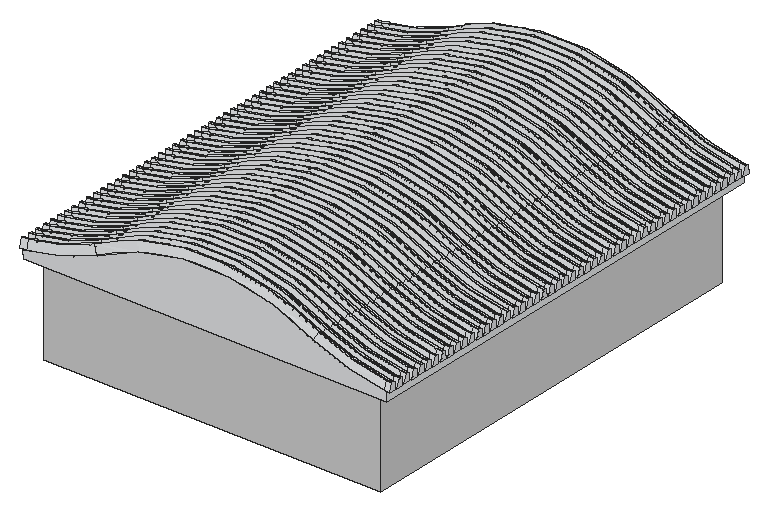
Revit family "Wall_Heaters-QMark-SSAR_Smart_Series", category Mechanical Equipment, host Face, Revit 2016 (continued)
Definition of nested family "Front Panel SSARWH"
  Automatic sketch dimensions
    Sweep 12 sketch curve to Sweep 12 sketch curve = 0' - 1.04547"  (x2)
    Sweep 12 sketch curve to Sweep 12 sketch curve = 0' - 7.6786"  (x2)
    Sweep 12 sketch curve to Sweep 12 sketch curve = 0' - 7.95225"  (x2)
    Sweep 12 sketch curve to Sweep 12 sketch curve = 0' - 0.01322"  (x2)
    Sweep 12 sketch curve to Sweep 12 sketch curve = 0' - 2.88383"
    Sweep 12 sketch curve to profile plane = 1' - 6.42278"
    Sweep 12 sketch curve to profile plane = 1' - 6.39926"
    Sweep 12 sketch curve to profile plane = 1' - 6.15448"
    Sweep 13 sketch curve to Sweep 13 sketch curve = 0' - 9.98067"  (x2)
    Sweep 13 sketch curve to Sweep 13 sketch curve = 0' - 0.25218"  (x2)
    Sweep 13 sketch curve to profile plane = 0' - 0.00072"
    Sweep 13 sketch curve to profile plane = 0' - 0.03163"
    Sweep 13 sketch curve to Sweep 13 sketch curve = 0' - 0.33637"
    Sweep 13 sketch curve to Sweep 13 sketch curve = 0' - 0.11535"
    Sweep 13 sketch curve to Sweep 13 sketch curve = 0' - 0.03102"
    Sweep 13 sketch curve to Sweep 13 sketch curve = 0' - 1.04547"  (x2)
    Sweep 13 sketch curve to Sweep 13 sketch curve = 0' - 7.6786"  (x2)
    Sweep 13 sketch curve to Sweep 13 sketch curve = 0' - 7.95225"  (x2)
    Sweep 13 sketch curve to Sweep 13 sketch curve = 0' - 0.01322"  (x2)
    Sweep 13 sketch curve to Sweep 13 sketch curve = 0' - 2.88383"
    Sweep 13 sketch curve to profile plane = 1' - 6.42278"
    Sweep 13 sketch curve to profile plane = 1' - 6.39926"
    Sweep 13 sketch curve to profile plane = 1' - 6.15448"
    Sweep 14 sketch curve to Sweep 14 sketch curve = 0' - 9.98067"  (x2)
    Sweep 14 sketch curve to Sweep 14 sketch curve = 0' - 0.25218"  (x2)
    Sweep 14 sketch curve to profile plane = 0' - 0.00072"
    Sweep 14 sketch curve to profile plane = 0' - 0.03163"
    Sweep 14 sketch curve to Sweep 14 sketch curve = 0' - 0.33637"
    Sweep 14 sketch curve to Sweep 14 sketch curve = 0' - 0.11535"
    Sweep 14 sketch curve to Sweep 14 sketch curve = 0' - 0.03102"
    Sweep 14 sketch curve to Sweep 14 sketch curve = 0' - 1.04547"  (x2)
    Sweep 14 sketch curve to Sweep 14 sketch curve = 0' - 7.6786"  (x2)
    Sweep 14 sketch curve to Sweep 14 sketch curve = 0' - 7.95225"  (x2)
    Sweep 14 sketch curve to Sweep 14 sketch curve = 0' - 0.01322"  (x2)
    Sweep 14 sketch curve to Sweep 14 sketch curve = 0' - 2.88383"
    Sweep 14 sketch curve to profile plane = 1' - 6.42278"
    Sweep 14 sketch curve to profile plane = 1' - 6.39926"
    Sweep 14 sketch curve to profile plane = 1' - 6.15448"
    Sweep 15 sketch curve to Sweep 15 sketch curve = 0' - 9.98067"  (x2)
    Sweep 15 sketch curve to Sweep 15 sketch curve = 0' - 0.25218"  (x2)
    Sweep 15 sketch curve to profile plane = 0' - 0.00072"
    Sweep 15 sketch curve to profile plane = 0' - 0.03163"
    Sweep 15 sketch curve to Sweep 15 sketch curve = 0' - 0.33637"
    Sweep 15 sketch curve to Sweep 15 sketch curve = 0' - 0.11535"
    Sweep 15 sketch curve to Sweep 15 sketch curve = 0' - 0.03102"
    Sweep 15 sketch curve to Sweep 15 sketch curve = 0' - 1.04547"  (x2)
    Sweep 15 sketch curve to Sweep 15 sketch curve = 0' - 7.6786"  (x2)
    Sweep 15 sketch curve to Sweep 15 sketch curve = 0' - 7.95225"  (x2)
    Sweep 15 sketch curve to Sweep 15 sketch curve = 0' - 0.01322"  (x2)
    Sweep 15 sketch curve to Sweep 15 sketch curve = 0' - 2.88383"
    Sweep 15 sketch curve to profile plane = 1' - 6.42278"
    Sweep 15 sketch curve to profile plane = 1' - 6.39926"
    Sweep 15 sketch curve to profile plane = 1' - 6.15448"
    Sweep 16 sketch curve to Sweep 16 sketch curve = 0' - 9.98067"  (x2)
    Sweep 16 sketch curve to Sweep 16 sketch curve = 0' - 0.25218"  (x2)
    Sweep 16 sketch curve to profile plane = 0' - 0.00072"
    Sweep 16 sketch curve to profile plane = 0' - 0.03163"
    Sweep 16 sketch curve to Sweep 16 sketch curve = 0' - 0.33637"
    Sweep 16 sketch curve to Sweep 16 sketch curve = 0' - 0.11535"
    Sweep 16 sketch curve to Sweep 16 sketch curve = 0' - 0.03102"
    Sweep 16 sketch curve to Sweep 16 sketch curve = 0' - 1.04547"  (x2)
    Sweep 16 sketch curve to Sweep 16 sketch curve = 0' - 7.6786"  (x2)
    Sweep 16 sketch curve to Sweep 16 sketch curve = 0' - 7.95225"  (x2)
    Sweep 16 sketch curve to Sweep 16 sketch curve = 0' - 0.01322"  (x2)
    Sweep 16 sketch curve to Sweep 16 sketch curve = 0' - 2.88383"
    Sweep 16 sketch curve to profile plane = 1' - 6.42278"
    Sweep 16 sketch curve to profile plane = 1' - 6.39926"
    Sweep 16 sketch curve to profile plane = 1' - 6.15448"
    Sweep 17 sketch curve to Sweep 17 sketch curve = 0' - 9.98067"  (x2)
    Sweep 17 sketch curve to Sweep 17 sketch curve = 0' - 0.25218"  (x2)
    Sweep 17 sketch curve to profile plane = 0' - 0.00072"
    Sweep 17 sketch curve to profile plane = 0' - 0.03163"
    Sweep 17 sketch curve to Sweep 17 sketch curve = 0' - 0.33637"
    Sweep 17 sketch curve to Sweep 17 sketch curve = 0' - 0.11535"
    Sweep 17 sketch curve to Sweep 17 sketch curve = 0' - 0.03102"
    Sweep 17 sketch curve to Sweep 17 sketch curve = 0' - 1.04547"  (x2)
    Sweep 17 sketch curve to Sweep 17 sketch curve = 0' - 7.6786"  (x2)
    Sweep 17 sketch curve to Sweep 17 sketch curve = 0' - 7.95225"  (x2)
    Sweep 17 sketch curve to Sweep 17 sketch curve = 0' - 0.01322"  (x2)
    Sweep 17 sketch curve to Sweep 17 sketch curve = 0' - 2.88383"
    Sweep 17 sketch curve to profile plane = 1' - 6.42278"
    Sweep 17 sketch curve to profile plane = 1' - 6.39926"
    Sweep 17 sketch curve to profile plane = 1' - 6.15448"
    Sweep 18 sketch curve to Sweep 18 sketch curve = 0' - 9.98067"  (x2)
    Sweep 18 sketch curve to Sweep 18 sketch curve = 0' - 0.25218"  (x2)
    Sweep 18 sketch curve to profile plane = 0' - 0.00072"
    Sweep 18 sketch curve to profile plane = 0' - 0.03163"
    Sweep 18 sketch curve to Sweep 18 sketch curve = 0' - 0.33637"
    Sweep 18 sketch curve to Sweep 18 sketch curve = 0' - 0.11535"
    Sweep 18 sketch curve to Sweep 18 sketch curve = 0' - 0.03102"
    Sweep 18 sketch curve to Sweep 18 sketch curve = 0' - 1.04547"  (x2)
    Sweep 18 sketch curve to Sweep 18 sketch curve = 0' - 7.6786"  (x2)
    Sweep 18 sketch curve to Sweep 18 sketch curve = 0' - 7.95225"  (x2)
    Sweep 18 sketch curve to Sweep 18 sketch curve = 0' - 0.01322"  (x2)
    Sweep 18 sketch curve to Sweep 18 sketch curve = 0' - 2.88383"
    Sweep 18 sketch curve to profile plane = 1' - 6.42278"
    Sweep 18 sketch curve to profile plane = 1' - 6.39926"
    Sweep 18 sketch curve to profile plane = 1' - 6.15448"
    Sweep 19 sketch curve to Sweep 19 sketch curve = 0' - 9.98067"  (x2)
    Sweep 19 sketch curve to Sweep 19 sketch curve = 0' - 0.25218"  (x2)
    Sweep 19 sketch curve to profile plane = 0' - 0.00072"
    Sweep 19 sketch curve to profile plane = 0' - 0.03163"
    Sweep 19 sketch curve to Sweep 19 sketch curve = 0' - 0.33637"
    Sweep 19 sketch curve to Sweep 19 sketch curve = 0' - 0.11535"
    Sweep 19 sketch curve to Sweep 19 sketch curve = 0' - 0.03102"
    Sweep 19 sketch curve to Sweep 19 sketch curve = 0' - 1.04547"  (x2)
    Sweep 19 sketch curve to Sweep 19 sketch curve = 0' - 7.6786"  (x2)
    Sweep 19 sketch curve to Sweep 19 sketch curve = 0' - 7.95225"  (x2)
    Sweep 19 sketch curve to Sweep 19 sketch curve = 0' - 0.01322"  (x2)
    Sweep 19 sketch curve to Sweep 19 sketch curve = 0' - 2.88383"
    Sweep 19 sketch curve to profile plane = 1' - 6.42278"
    Sweep 19 sketch curve to profile plane = 1' - 6.39926"
    Sweep 19 sketch curve to profile plane = 1' - 6.15448"
    Sweep 20 sketch curve to Sweep 20 sketch curve = 0' - 9.98067"  (x2)
    Sweep 20 sketch curve to Sweep 20 sketch curve = 0' - 0.25218"  (x2)
    Sweep 20 sketch curve to profile plane = 0' - 0.00072"
    Sweep 20 sketch curve to profile plane = 0' - 0.03163"
    Sweep 20 sketch curve to Sweep 20 sketch curve = 0' - 0.33637"
    Sweep 20 sketch curve to Sweep 20 sketch curve = 0' - 0.11535"
    Sweep 20 sketch curve to Sweep 20 sketch curve = 0' - 0.03102"
    Sweep 20 sketch curve to Sweep 20 sketch curve = 0' - 1.04547"  (x2)
    Sweep 20 sketch curve to Sweep 20 sketch curve = 0' - 7.6786"  (x2)
    Sweep 20 sketch curve to Sweep 20 sketch curve = 0' - 7.95225"  (x2)
    Sweep 20 sketch curve to Sweep 20 sketch curve = 0' - 0.01322"  (x2)
    Sweep 20 sketch curve to Sweep 20 sketch curve = 0' - 2.88383"
    Sweep 20 sketch curve to profile plane = 1' - 6.42278"
    Sweep 20 sketch curve to profile plane = 1' - 6.39926"
    Sweep 20 sketch curve to profile plane = 1' - 6.15448"
    Sweep 21 sketch curve to Sweep 21 sketch curve = 0' - 9.98067"  (x2)
    Sweep 21 sketch curve to Sweep 21 sketch curve = 0' - 0.25218"  (x2)
    Sweep 21 sketch curve to profile plane = 0' - 0.00072"
    Sweep 21 sketch curve to profile plane = 0' - 0.03163"
    Sweep 21 sketch curve to Sweep 21 sketch curve = 0' - 0.33637"
    Sweep 21 sketch curve to Sweep 21 sketch curve = 0' - 0.11535"
    Sweep 21 sketch curve to Sweep 21 sketch curve = 0' - 0.03102"
    Sweep 21 sketch curve to Sweep 21 sketch curve = 0' - 1.04547"  (x2)
    Sweep 21 sketch curve to Sweep 21 sketch curve = 0' - 7.6786"  (x2)
    Sweep 21 sketch curve to Sweep 21 sketch curve = 0' - 7.95225"  (x2)
    Sweep 21 sketch curve to Sweep 21 sketch curve = 0' - 0.01322"  (x2)
    Sweep 21 sketch curve to Sweep 21 sketch curve = 0' - 2.88383"
    Sweep 21 sketch curve to profile plane = 1' - 6.42278"
    Sweep 21 sketch curve to profile plane = 1' - 6.39926"
    Sweep 21 sketch curve to profile plane = 1' - 6.15448"
    Sweep 22 sketch curve to Sweep 22 sketch curve = 0' - 9.98067"  (x2)
    Sweep 22 sketch curve to Sweep 22 sketch curve = 0' - 0.25218"  (x2)
    Sweep 22 sketch curve to profile plane = 0' - 0.00072"
    Sweep 22 sketch curve to profile plane = 0' - 0.03163"
    Sweep 22 sketch curve to Sweep 22 sketch curve = 0' - 0.33637"
    Sweep 22 sketch curve to Sweep 22 sketch curve = 0' - 0.11535"
    Sweep 22 sketch curve to Sweep 22 sketch curve = 0' - 0.03102"
    Sweep 22 sketch curve to Sweep 22 sketch curve = 0' - 1.04547"  (x2)
    Sweep 22 sketch curve to Sweep 22 sketch curve = 0' - 7.6786"  (x2)
    Sweep 22 sketch curve to Sweep 22 sketch curve = 0' - 7.95225"  (x2)
    Sweep 22 sketch curve to Sweep 22 sketch curve = 0' - 0.01322"  (x2)
    Sweep 22 sketch curve to Sweep 22 sketch curve = 0' - 2.88383"
    Sweep 22 sketch curve to profile plane = 1' - 6.42278"
    Sweep 22 sketch curve to profile plane = 1' - 6.39926"
    Sweep 22 sketch curve to profile plane = 1' - 6.15448"
    Sweep 23 sketch curve to Sweep 23 sketch curve = 0' - 9.98067"  (x2)
    Sweep 23 sketch curve to Sweep 23 sketch curve = 0' - 0.25218"  (x2)
    Sweep 23 sketch curve to profile plane = 0' - 0.00072"
    Sweep 23 sketch curve to profile plane = 0' - 0.03163"
    Sweep 23 sketch curve to Sweep 23 sketch curve = 0' - 0.33637"
    Sweep 23 sketch curve to Sweep 23 sketch curve = 0' - 0.11535"
    Sweep 23 sketch curve to Sweep 23 sketch curve = 0' - 0.03102"
    Sweep 23 sketch curve to Sweep 23 sketch curve = 0' - 1.04547"  (x2)
    Sweep 23 sketch curve to Sweep 23 sketch curve = 0' - 7.6786"  (x2)
    Sweep 23 sketch curve to Sweep 23 sketch curve = 0' - 7.95225"  (x2)
    Sweep 23 sketch curve to Sweep 23 sketch curve = 0' - 0.01322"  (x2)
    Sweep 23 sketch curve to Sweep 23 sketch curve = 0' - 2.88383"
    Sweep 23 sketch curve to profile plane = 1' - 6.42278"
    Sweep 23 sketch curve to profile plane = 1' - 6.39926"
    Sweep 23 sketch curve to profile plane = 1' - 6.15448"
    Sweep 24 sketch curve to Sweep 24 sketch curve = 0' - 9.98067"  (x2)
    Sweep 24 sketch curve to Sweep 24 sketch curve = 0' - 0.25218"  (x2)
    Sweep 24 sketch curve to profile plane = 0' - 0.00072"
    Sweep 24 sketch curve to profile plane = 0' - 0.03163"
    Sweep 24 sketch curve to Sweep 24 sketch curve = 0' - 0.33637"
    Sweep 24 sketch curve to Sweep 24 sketch curve = 0' - 0.11535"
    Sweep 24 sketch curve to Sweep 24 sketch curve = 0' - 0.03102"
    Sweep 24 sketch curve to Sweep 24 sketch curve = 0' - 1.04547"  (x2)
    Sweep 24 sketch curve to Sweep 24 sketch curve = 0' - 7.6786"  (x2)
    Sweep 24 sketch curve to Sweep 24 sketch curve = 0' - 7.95225"  (x2)
    Sweep 24 sketch curve to Sweep 24 sketch curve = 0' - 0.01322"  (x2)
    Sweep 24 sketch curve to Sweep 24 sketch curve = 0' - 2.88383"
    Sweep 24 sketch curve to profile plane = 1' - 6.42278"
    Sweep 24 sketch curve to profile plane = 1' - 6.39926"
    Sweep 24 sketch curve to profile plane = 1' - 6.15448"
    Sweep 25 sketch curve to Sweep 25 sketch curve = 0' - 9.98067"  (x2)
    Sweep 25 sketch curve to Sweep 25 sketch curve = 0' - 0.25218"  (x2)
    Sweep 25 sketch curve to profile plane = 0' - 0.00072"
    Sweep 25 sketch curve to profile plane = 0' - 0.03163"
    Sweep 25 sketch curve to Sweep 25 sketch curve = 0' - 0.33637"
    Sweep 25 sketch curve to Sweep 25 sketch curve = 0' - 0.11535"
    Sweep 25 sketch curve to Sweep 25 sketch curve = 0' - 0.03102"
    Sweep 25 sketch curve to Sweep 25 sketch curve = 0' - 1.04547"  (x2)
    Sweep 25 sketch curve to Sweep 25 sketch curve = 0' - 7.6786"  (x2)
    Sweep 25 sketch curve to Sweep 25 sketch curve = 0' - 7.95225"  (x2)
    Sweep 25 sketch curve to Sweep 25 sketch curve = 0' - 0.01322"  (x2)
    Sweep 25 sketch curve to Sweep 25 sketch curve = 0' - 2.88383"
    Sweep 25 sketch curve to profile plane = 1' - 6.42278"
    Sweep 25 sketch curve to profile plane = 1' - 6.39926"
    Sweep 25 sketch curve to profile plane = 1' - 6.15448"
    Sweep 26 sketch curve to Sweep 26 sketch curve = 0' - 9.98067"  (x2)
    Sweep 26 sketch curve to Sweep 26 sketch curve = 0' - 0.25218"  (x2)
    Sweep 26 sketch curve to profile plane = 0' - 0.00072"
    Sweep 26 sketch curve to profile plane = 0' - 0.03163"
    Sweep 26 sketch curve to Sweep 26 sketch curve = 0' - 0.33637"
    Sweep 26 sketch curve to Sweep 26 sketch curve = 0' - 0.11535"
    Sweep 26 sketch curve to Sweep 26 sketch curve = 0' - 0.03102"
    Sweep 26 sketch curve to Sweep 26 sketch curve = 0' - 1.04547"  (x2)
    Sweep 26 sketch curve to Sweep 26 sketch curve = 0' - 7.6786"  (x2)
    Sweep 26 sketch curve to Sweep 26 sketch curve = 0' - 7.95225"  (x2)
    Sweep 26 sketch curve to Sweep 26 sketch curve = 0' - 0.01322"  (x2)
    Sweep 26 sketch curve to Sweep 26 sketch curve = 0' - 2.88383"
    Sweep 26 sketch curve to profile plane = 1' - 6.42278"
    Sweep 26 sketch curve to profile plane = 1' - 6.39926"
    Sweep 26 sketch curve to profile plane = 1' - 6.15448"
    Sweep 27 sketch curve to Sweep 27 sketch curve = 0' - 9.98067"  (x2)
    Sweep 27 sketch curve to Sweep 27 sketch curve = 0' - 0.25218"  (x2)
    Sweep 27 sketch curve to profile plane = 0' - 0.00072"
    Sweep 27 sketch curve to profile plane = 0' - 0.03163"
    Sweep 27 sketch curve to Sweep 27 sketch curve = 0' - 0.33637"
    Sweep 27 sketch curve to Sweep 27 sketch curve = 0' - 0.11535"
    Sweep 27 sketch curve to Sweep 27 sketch curve = 0' - 0.03102"
    Sweep 27 sketch curve to Sweep 27 sketch curve = 0' - 1.04547"  (x2)
    Sweep 27 sketch curve to Sweep 27 sketch curve = 0' - 7.6786"  (x2)
    Sweep 27 sketch curve to Sweep 27 sketch curve = 0' - 7.95225"  (x2)
    Sweep 27 sketch curve to Sweep 27 sketch curve = 0' - 0.01322"  (x2)
    Sweep 27 sketch curve to Sweep 27 sketch curve = 0' - 2.88383"
    Sweep 27 sketch curve to profile plane = 1' - 6.42278"
    Sweep 27 sketch curve to profile plane = 1' - 6.39926"
    Sweep 27 sketch curve to profile plane = 1' - 6.15448"
    Sweep 28 sketch curve to Sweep 28 sketch curve = 0' - 9.98067"  (x2)
    Sweep 28 sketch curve to Sweep 28 sketch curve = 0' - 0.25218"  (x2)
    Sweep 28 sketch curve to profile plane = 0' - 0.00072"
    Sweep 28 sketch curve to profile plane = 0' - 0.03163"
    Sweep 28 sketch curve to Sweep 28 sketch curve = 0' - 0.33637"
    Sweep 28 sketch curve to Sweep 28 sketch curve = 0' - 0.11535"
    Sweep 28 sketch curve to Sweep 28 sketch curve = 0' - 0.03102"
    Sweep 28 sketch curve to Sweep 28 sketch curve = 0' - 1.04547"  (x2)
    Sweep 28 sketch curve to Sweep 28 sketch curve = 0' - 7.6786"  (x2)
    Sweep 28 sketch curve to Sweep 28 sketch curve = 0' - 7.95225"  (x2)
    Sweep 28 sketch curve to Sweep 28 sketch curve = 0' - 0.01322"  (x2)
    Sweep 28 sketch curve to Sweep 28 sketch curve = 0' - 2.88383"
    Sweep 28 sketch curve to profile plane = 1' - 6.42278"
    Sweep 28 sketch curve to profile plane = 1' - 6.39926"
    Sweep 28 sketch curve to profile plane = 1' - 6.15448"
    Sweep 29 sketch curve to Sweep 29 sketch curve = 0' - 9.98067"  (x2)
    Sweep 29 sketch curve to Sweep 29 sketch curve = 0' - 0.25218"  (x2)
    Sweep 29 sketch curve to profile plane = 0' - 0.00072"
    Sweep 29 sketch curve to profile plane = 0' - 0.03163"
    Sweep 29 sketch curve to Sweep 29 sketch curve = 0' - 0.33637"
    Sweep 29 sketch curve to Sweep 29 sketch curve = 0' - 0.11535"
    Sweep 29 sketch curve to Sweep 29 sketch curve = 0' - 0.03102"
    Sweep 29 sketch curve to Sweep 29 sketch curve = 0' - 1.04547"  (x2)
    Sweep 29 sketch curve to Sweep 29 sketch curve = 0' - 7.6786"  (x2)
    Sweep 29 sketch curve to Sweep 29 sketch curve = 0' - 7.95225"  (x2)
    Sweep 29 sketch curve to Sweep 29 sketch curve = 0' - 0.01322"  (x2)
    Sweep 29 sketch curve to Sweep 29 sketch curve = 0' - 2.88383"
    Sweep 29 sketch curve to profile plane = 1' - 6.42278"
    Sweep 29 sketch curve to profile plane = 1' - 6.39926"
    Sweep 29 sketch curve to profile plane = 1' - 6.15448"
    Sweep 30 sketch curve to Sweep 30 sketch curve = 0' - 9.98067"  (x2)
    Sweep 30 sketch curve to Sweep 30 sketch curve = 0' - 0.25218"  (x2)
    Sweep 30 sketch curve to profile plane = 0' - 0.00072"
    Sweep 30 sketch curve to profile plane = 0' - 0.03163"
    Sweep 30 sketch curve to Sweep 30 sketch curve = 0' - 0.33637"
    Sweep 30 sketch curve to Sweep 30 sketch curve = 0' - 0.11535"
    Sweep 30 sketch curve to Sweep 30 sketch curve = 0' - 0.03102"
    Sweep 30 sketch curve to Sweep 30 sketch curve = 0' - 1.04547"  (x2)
    Sweep 30 sketch curve to Sweep 30 sketch curve = 0' - 7.6786"  (x2)
    Sweep 30 sketch curve to Sweep 30 sketch curve = 0' - 7.95225"  (x2)
    Sweep 30 sketch curve to Sweep 30 sketch curve = 0' - 0.01322"  (x2)
    Sweep 30 sketch curve to Sweep 30 sketch curve = 0' - 2.88383"
    Sweep 30 sketch curve to profile plane = 1' - 6.42278"
    Sweep 30 sketch curve to profile plane = 1' - 6.39926"
    Sweep 30 sketch curve to profile plane = 1' - 6.15448"
    Sweep 31 sketch curve to Sweep 31 sketch curve = 0' - 9.98067"  (x2)
    Sweep 31 sketch curve to Sweep 31 sketch curve = 0' - 0.25218"  (x2)
    Sweep 31 sketch curve to profile plane = 0' - 0.00072"
    Sweep 31 sketch curve to profile plane = 0' - 0.03163"
    Sweep 31 sketch curve to Sweep 31 sketch curve = 0' - 0.33637"
    Sweep 31 sketch curve to Sweep 31 sketch curve = 0' - 0.11535"
    Sweep 31 sketch curve to Sweep 31 sketch curve = 0' - 0.03102"
    Sweep 31 sketch curve to Sweep 31 sketch curve = 0' - 1.04547"  (x2)
    Sweep 31 sketch curve to Sweep 31 sketch curve = 0' - 7.6786"  (x2)
    Sweep 31 sketch curve to Sweep 31 sketch curve = 0' - 7.95225"  (x2)
    Sweep 31 sketch curve to Sweep 31 sketch curve = 0' - 0.01322"  (x2)
    Sweep 31 sketch curve to Sweep 31 sketch curve = 0' - 2.88383"
    Sweep 31 sketch curve to profile plane = 1' - 6.42278"
    Sweep 31 sketch curve to profile plane = 1' - 6.39926"
    Sweep 31 sketch curve to profile plane = 1' - 6.15448"
    Sweep 32 sketch curve to Sweep 32 sketch curve = 0' - 9.98067"  (x2)
    Sweep 32 sketch curve to Sweep 32 sketch curve = 0' - 0.25218"  (x2)
    Sweep 32 sketch curve to profile plane = 0' - 0.00072"
    Sweep 32 sketch curve to profile plane = 0' - 0.03163"
    Sweep 32 sketch curve to Sweep 32 sketch curve = 0' - 0.33637"
    Sweep 32 sketch curve to Sweep 32 sketch curve = 0' - 0.11535"
    Sweep 32 sketch curve to Sweep 32 sketch curve = 0' - 0.03102"
    Sweep 32 sketch curve to Sweep 32 sketch curve = 0' - 1.04547"  (x2)
    Sweep 32 sketch curve to Sweep 32 sketch curve = 0' - 7.6786"  (x2)
    Sweep 32 sketch curve to Sweep 32 sketch curve = 0' - 7.95225"  (x2)
    Sweep 32 sketch curve to Sweep 32 sketch curve = 0' - 0.01322"  (x2)
    Sweep 32 sketch curve to Sweep 32 sketch curve = 0' - 2.88383"
    Sweep 32 sketch curve to profile plane = 1' - 6.42278"
    Sweep 32 sketch curve to profile plane = 1' - 6.39926"
    Sweep 32 sketch curve to profile plane = 1' - 6.15448"
    Sweep 33 sketch curve to Sweep 33 sketch curve = 0' - 9.98067"  (x2)
    Sweep 33 sketch curve to Sweep 33 sketch curve = 0' - 0.25218"  (x2)
    Sweep 33 sketch curve to profile plane = 0' - 0.00072"
    Sweep 33 sketch curve to profile plane = 0' - 0.03163"
    Sweep 33 sketch curve to Sweep 33 sketch curve = 0' - 0.33637"
    Sweep 33 sketch curve to Sweep 33 sketch curve = 0' - 0.11535"
    Sweep 33 sketch curve to Sweep 33 sketch curve = 0' - 0.03102"
    Sweep 33 sketch curve to Sweep 33 sketch curve = 0' - 1.04547"  (x2)
    Sweep 33 sketch curve to Sweep 33 sketch curve = 0' - 7.6786"  (x2)
    Sweep 33 sketch curve to Sweep 33 sketch curve = 0' - 7.95225"  (x2)
    Sweep 33 sketch curve to Sweep 33 sketch curve = 0' - 0.01322"  (x2)
    Sweep 33 sketch curve to Sweep 33 sketch curve = 0' - 2.88383"
    Sweep 33 sketch curve to profile plane = 1' - 6.42278"
    Sweep 33 sketch curve to profile plane = 1' - 6.39926"
    Sweep 33 sketch curve to profile plane = 1' - 6.15448"
    Sweep 34 sketch curve to Sweep 34 sketch curve = 0' - 9.98067"  (x2)
    Sweep 34 sketch curve to Sweep 34 sketch curve = 0' - 0.25218"  (x2)
    Sweep 34 sketch curve to profile plane = 0' - 0.00072"
    Sweep 34 sketch curve to profile plane = 0' - 0.03163"
    Sweep 34 sketch curve to Sweep 34 sketch curve = 0' - 0.33637"
    Sweep 34 sketch curve to Sweep 34 sketch curve = 0' - 0.11535"
    Sweep 34 sketch curve to Sweep 34 sketch curve = 0' - 0.03102"
    Sweep 34 sketch curve to Sweep 34 sketch curve = 0' - 1.04547"  (x2)
    Sweep 34 sketch curve to Sweep 34 sketch curve = 0' - 7.6786"  (x2)
    Sweep 34 sketch curve to Sweep 34 sketch curve = 0' - 7.95225"  (x2)
    Sweep 34 sketch curve to Sweep 34 sketch curve = 0' - 0.01322"  (x2)
    Sweep 34 sketch curve to Sweep 34 sketch curve = 0' - 2.88383"
    Sweep 34 sketch curve to profile plane = 1' - 6.42278"
    Sweep 34 sketch curve to profile plane = 1' - 6.39926"
    Sweep 34 sketch curve to profile plane = 1' - 6.15448"
    Sweep 35 sketch curve to Sweep 35 sketch curve = 0' - 9.98067"  (x2)
    Sweep 35 sketch curve to Sweep 35 sketch curve = 0' - 0.25218"  (x2)
    Sweep 35 sketch curve to profile plane = 0' - 0.00072"
    Sweep 35 sketch curve to profile plane = 0' - 0.03163"
    Sweep 35 sketch curve to Sweep 35 sketch curve = 0' - 0.33637"
    Sweep 35 sketch curve to Sweep 35 sketch curve = 0' - 0.11535"
    Sweep 35 sketch curve to Sweep 35 sketch curve = 0' - 0.03102"
    Sweep 35 sketch curve to Sweep 35 sketch curve = 0' - 1.04547"  (x2)
    Sweep 35 sketch curve to Sweep 35 sketch curve = 0' - 7.6786"  (x2)
    Sweep 35 sketch curve to Sweep 35 sketch curve = 0' - 7.95225"  (x2)
    Sweep 35 sketch curve to Sweep 35 sketch curve = 0' - 0.01322"  (x2)
    Sweep 35 sketch curve to Sweep 35 sketch curve = 0' - 2.88383"
    Sweep 35 sketch curve to profile plane = 1' - 6.42278"
    Sweep 35 sketch curve to profile plane = 1' - 6.39926"
    Sweep 35 sketch curve to profile plane = 1' - 6.15448"
    Sweep 36 sketch curve to Sweep 36 sketch curve = 0' - 9.98067"  (x2)
    Sweep 36 sketch curve to Sweep 36 sketch curve = 0' - 0.25218"  (x2)
    Sweep 36 sketch curve to profile plane = 0' - 0.00072"
    Sweep 36 sketch curve to profile plane = 0' - 0.03163"
    Sweep 36 sketch curve to Sweep 36 sketch curve = 0' - 0.33637"
    Sweep 36 sketch curve to Sweep 36 sketch curve = 0' - 0.11535"
    Sweep 36 sketch curve to Sweep 36 sketch curve = 0' - 0.03102"
    Sweep 36 sketch curve to Sweep 36 sketch curve = 0' - 1.04547"  (x2)
    Sweep 36 sketch curve to Sweep 36 sketch curve = 0' - 7.6786"  (x2)
    Sweep 36 sketch curve to Sweep 36 sketch curve = 0' - 7.95225"  (x2)
    Sweep 36 sketch curve to Sweep 36 sketch curve = 0' - 0.01322"  (x2)
    Sweep 36 sketch curve to Sweep 36 sketch curve = 0' - 2.88383"
    Sweep 36 sketch curve to profile plane = 1' - 6.42278"
    Sweep 36 sketch curve to profile plane = 1' - 6.39926"
    Sweep 36 sketch curve to profile plane = 1' - 6.15448"
    Sweep 37 sketch curve to Sweep 37 sketch curve = 0' - 9.98067"  (x2)
    Sweep 37 sketch curve to Sweep 37 sketch curve = 0' - 0.25218"  (x2)
    Sweep 37 sketch curve to profile plane = 0' - 0.00072"
    Sweep 37 sketch curve to profile plane = 0' - 0.03163"
    Sweep 37 sketch curve to Sweep 37 sketch curve = 0' - 0.33637"
    Sweep 37 sketch curve to Sweep 37 sketch curve = 0' - 0.11535"
    Sweep 37 sketch curve to Sweep 37 sketch curve = 0' - 0.03102"
    Sweep 37 sketch curve to Sweep 37 sketch curve = 0' - 1.04547"  (x2)
    Sweep 37 sketch curve to Sweep 37 sketch curve = 0' - 7.6786"  (x2)
    Sweep 37 sketch curve to Sweep 37 sketch curve = 0' - 7.95225"  (x2)
    Sweep 37 sketch curve to Sweep 37 sketch curve = 0' - 0.01322"  (x2)
    Sweep 37 sketch curve to Sweep 37 sketch curve = 0' - 2.88383"
    Sweep 37 sketch curve to profile plane = 1' - 6.42278"
    Sweep 37 sketch curve to profile plane = 1' - 6.39926"
    Sweep 37 sketch curve to profile plane = 1' - 6.15448"
    Sweep 38 sketch curve to Sweep 38 sketch curve = 0' - 9.98067"  (x2)
    Sweep 38 sketch curve to Sweep 38 sketch curve = 0' - 0.25218"  (x2)
    Sweep 38 sketch curve to profile plane = 0' - 0.00072"
    Sweep 38 sketch curve to profile plane = 0' - 0.03163"
    Sweep 38 sketch curve to Sweep 38 sketch curve = 0' - 0.33637"
    Sweep 38 sketch curve to Sweep 38 sketch curve = 0' - 0.11535"
    Sweep 38 sketch curve to Sweep 38 sketch curve = 0' - 0.03102"
    Sweep 38 sketch curve to Sweep 38 sketch curve = 0' - 1.04547"  (x2)
    Sweep 38 sketch curve to Sweep 38 sketch curve = 0' - 7.6786"  (x2)
    Sweep 38 sketch curve to Sweep 38 sketch curve = 0' - 7.95225"  (x2)
    Sweep 38 sketch curve to Sweep 38 sketch curve = 0' - 0.01322"  (x2)
    Sweep 38 sketch curve to Sweep 38 sketch curve = 0' - 2.88383"
    Sweep 38 sketch curve to profile plane = 1' - 6.42278"
    Sweep 38 sketch curve to profile plane = 1' - 6.39926"
    Sweep 38 sketch curve to profile plane = 1' - 6.15448"
    Sweep 39 sketch curve to Sweep 39 sketch curve = 0' - 9.98067"  (x2)
    Sweep 39 sketch curve to Sweep 39 sketch curve = 0' - 0.25218"  (x2)
    Sweep 39 sketch curve to profile plane = 0' - 0.00072"
    Sweep 39 sketch curve to profile plane = 0' - 0.03163"
    Sweep 39 sketch curve to Sweep 39 sketch curve = 0' - 0.33637"
    Sweep 39 sketch curve to Sweep 39 sketch curve = 0' - 0.11535"
    Sweep 39 sketch curve to Sweep 39 sketch curve = 0' - 0.03102"
    Sweep 39 sketch curve to Sweep 39 sketch curve = 0' - 1.04547"  (x2)
    Sweep 39 sketch curve to Sweep 39 sketch curve = 0' - 7.6786"  (x2)
    Sweep 39 sketch curve to Sweep 39 sketch curve = 0' - 7.95225"  (x2)
    Sweep 39 sketch curve to Sweep 39 sketch curve = 0' - 0.01322"  (x2)
    Sweep 39 sketch curve to Sweep 39 sketch curve = 0' - 2.88383"
    Sweep 39 sketch curve to profile plane = 1' - 6.42278"
    Sweep 39 sketch curve to profile plane = 1' - 6.39926"
    Sweep 39 sketch curve to profile plane = 1' - 6.15448"
    Sweep 40 sketch curve to Sweep 40 sketch curve = 0' - 9.98067"  (x2)
    Sweep 40 sketch curve to Sweep 40 sketch curve = 0' - 0.25218"  (x2)
    Sweep 40 sketch curve to profile plane = 0' - 0.00072"
    Sweep 40 sketch curve to profile plane = 0' - 0.03163"
    Sweep 40 sketch curve to Sweep 40 sketch curve = 0' - 0.33637"
    Sweep 40 sketch curve to Sweep 40 sketch curve = 0' - 0.11535"
    Sweep 40 sketch curve to Sweep 40 sketch curve = 0' - 0.03102"
    Sweep 40 sketch curve to Sweep 40 sketch curve = 0' - 1.04547"  (x2)
    Sweep 40 sketch curve to Sweep 40 sketch curve = 0' - 7.6786"  (x2)
    Sweep 40 sketch curve to Sweep 40 sketch curve = 0' - 7.95225"  (x2)
    Sweep 40 sketch curve to Sweep 40 sketch curve = 0' - 0.01322"  (x2)
    Sweep 40 sketch curve to Sweep 40 sketch curve = 0' - 2.88383"
    Sweep 40 sketch curve to profile plane = 1' - 6.42278"
    Sweep 40 sketch curve to profile plane = 1' - 6.39926"
    Sweep 40 sketch curve to profile plane = 1' - 6.15448"
    Sweep 41 sketch curve to Sweep 41 sketch curve = 0' - 9.98067"  (x2)
    Sweep 41 sketch curve to Sweep 41 sketch curve = 0' - 0.25218"  (x2)
    Sweep 41 sketch curve to profile plane = 0' - 0.00072"
    Sweep 41 sketch curve to profile plane = 0' - 0.03163"
    Sweep 41 sketch curve to Sweep 41 sketch curve = 0' - 0.33637"
    Sweep 41 sketch curve to Sweep 41 sketch curve = 0' - 0.11535"
    Sweep 41 sketch curve to Sweep 41 sketch curve = 0' - 0.03102"
    Sweep 41 sketch curve to Sweep 41 sketch curve = 0' - 1.04547"  (x2)
    Sweep 41 sketch curve to Sweep 41 sketch curve = 0' - 7.6786"  (x2)
    Sweep 41 sketch curve to Sweep 41 sketch curve = 0' - 7.95225"  (x2)
    Sweep 41 sketch curve to Sweep 41 sketch curve = 0' - 0.01322"  (x2)
    Sweep 41 sketch curve to Sweep 41 sketch curve = 0' - 2.88383"
    Sweep 41 sketch curve to profile plane = 1' - 6.42278"
    Sweep 41 sketch curve to profile plane = 1' - 6.39926"
    Sweep 41 sketch curve to profile plane = 1' - 6.15448"
    Sweep 42 sketch curve to Sweep 42 sketch curve = 0' - 9.98067"  (x2)
    Sweep 42 sketch curve to Sweep 42 sketch curve = 0' - 0.25218"  (x2)
    Sweep 42 sketch curve to profile plane = 0' - 0.00072"
    Sweep 42 sketch curve to profile plane = 0' - 0.03163"
    Sweep 42 sketch curve to Sweep 42 sketch curve = 0' - 0.33637"
    Sweep 42 sketch curve to Sweep 42 sketch curve = 0' - 0.11535"
    Sweep 42 sketch curve to Sweep 42 sketch curve = 0' - 0.03102"
    Sweep 42 sketch curve to Sweep 42 sketch curve = 0' - 1.04547"  (x2)
    Sweep 42 sketch curve to Sweep 42 sketch curve = 0' - 7.6786"  (x2)
    Sweep 42 sketch curve to Sweep 42 sketch curve = 0' - 7.95225"  (x2)
    Sweep 42 sketch curve to Sweep 42 sketch curve = 0' - 0.01322"  (x2)
    Sweep 42 sketch curve to Sweep 42 sketch curve = 0' - 2.88383"
    Sweep 42 sketch curve to profile plane = 1' - 6.42278"
    Sweep 42 sketch curve to profile plane = 1' - 6.39926"
    Sweep 42 sketch curve to profile plane = 1' - 6.15448"
    Sweep 43 sketch curve to Sweep 43 sketch curve = 0' - 9.98067"  (x2)
    Sweep 43 sketch curve to Sweep 43 sketch curve = 0' - 0.25218"  (x2)
    Sweep 43 sketch curve to profile plane = 0' - 0.00072"
    Sweep 43 sketch curve to profile plane = 0' - 0.03163"
    Sweep 43 sketch curve to Sweep 43 sketch curve = 0' - 0.33637"
    Sweep 43 sketch curve to Sweep 43 sketch curve = 0' - 0.11535"
    Sweep 43 sketch curve to Sweep 43 sketch curve = 0' - 0.03102"
    Sweep 43 sketch curve to Sweep 43 sketch curve = 0' - 1.04547"  (x2)
    Sweep 43 sketch curve to Sweep 43 sketch curve = 0' - 7.6786"  (x2)
    Sweep 43 sketch curve to Sweep 43 sketch curve = 0' - 7.95225"  (x2)
    Sweep 43 sketch curve to Sweep 43 sketch curve = 0' - 0.01322"  (x2)
    Sweep 43 sketch curve to Sweep 43 sketch curve = 0' - 2.88383"
    Sweep 43 sketch curve to profile plane = 1' - 6.42278"
    Sweep 43 sketch curve to profile plane = 1' - 6.39926"
    Sweep 43 sketch curve to profile plane = 1' - 6.15448"
    Sweep 44 sketch curve to Sweep 44 sketch curve = 0' - 9.98067"  (x2)
    Sweep 44 sketch curve to Sweep 44 sketch curve = 0' - 0.25218"  (x2)
    Sweep 44 sketch curve to profile plane = 0' - 0.00072"
    Sweep 44 sketch curve to profile plane = 0' - 0.03163"
    Sweep 44 sketch curve to Sweep 44 sketch curve = 0' - 0.33637"
    Sweep 44 sketch curve to Sweep 44 sketch curve = 0' - 0.11535"
    Sweep 44 sketch curve to Sweep 44 sketch curve = 0' - 0.03102"
    Sweep 44 sketch curve to Sweep 44 sketch curve = 0' - 1.04547"  (x2)
    Sweep 44 sketch curve to Sweep 44 sketch curve = 0' - 7.6786"  (x2)
    Sweep 44 sketch curve to Sweep 44 sketch curve = 0' - 7.95225"  (x2)
    Sweep 44 sketch curve to Sweep 44 sketch curve = 0' - 0.01322"  (x2)
    Sweep 44 sketch curve to Sweep 44 sketch curve = 0' - 2.88383"
    Sweep 44 sketch curve to profile plane = 1' - 6.42278"
    Sweep 44 sketch curve to profile plane = 1' - 6.39926"
    Sweep 44 sketch curve to profile plane = 1' - 6.15448"
    Sweep 45 sketch curve to Sweep 45 sketch curve = 0' - 9.98067"  (x2)
    Sweep 45 sketch curve to Sweep 45 sketch curve = 0' - 0.25218"  (x2)
    Sweep 45 sketch curve to profile plane = 0' - 0.00072"
    Sweep 45 sketch curve to profile plane = 0' - 0.03163"
    Sweep 45 sketch curve to Sweep 45 sketch curve = 0' - 0.33637"
    Sweep 45 sketch curve to Sweep 45 sketch curve = 0' - 0.11535"
    Sweep 45 sketch curve to Sweep 45 sketch curve = 0' - 0.03102"
    Sweep 45 sketch curve to Sweep 45 sketch curve = 0' - 1.04547"  (x2)
    Sweep 45 sketch curve to Sweep 45 sketch curve = 0' - 7.6786"  (x2)
    Sweep 45 sketch curve to Sweep 45 sketch curve = 0' - 7.95225"  (x2)
    Sweep 45 sketch curve to Sweep 45 sketch curve = 0' - 0.01322"  (x2)
    Sweep 45 sketch curve to Sweep 45 sketch curve = 0' - 2.88383"
    Sweep 45 sketch curve to profile plane = 1' - 6.42278"
    Sweep 45 sketch curve to profile plane = 1' - 6.39926"
    Sweep 45 sketch curve to profile plane = 1' - 6.15448"
    Sweep 46 sketch curve to Sweep 46 sketch curve = 0' - 9.98067"  (x2)
    Sweep 46 sketch curve to Sweep 46 sketch curve = 0' - 0.25218"  (x2)
    Sweep 46 sketch curve to profile plane = 0' - 0.00072"
    Sweep 46 sketch curve to profile plane = 0' - 0.03163"
    Sweep 46 sketch curve to Sweep 46 sketch curve = 0' - 0.33637"
    Sweep 46 sketch curve to Sweep 46 sketch curve = 0' - 0.11535"
    Sweep 46 sketch curve to Sweep 46 sketch curve = 0' - 0.03102"
    Sweep 46 sketch curve to Sweep 46 sketch curve = 0' - 1.04547"  (x2)
    Sweep 46 sketch curve to Sweep 46 sketch curve = 0' - 7.6786"  (x2)
    Sweep 46 sketch curve to Sweep 46 sketch curve = 0' - 7.95225"  (x2)
    Sweep 46 sketch curve to Sweep 46 sketch curve = 0' - 0.01322"  (x2)
    Sweep 46 sketch curve to Sweep 46 sketch curve = 0' - 2.88383"
    Sweep 46 sketch curve to profile plane = 1' - 6.42278"
    Sweep 46 sketch curve to profile plane = 1' - 6.39926"
    Sweep 46 sketch curve to profile plane = 1' - 6.15448"
    Sweep 47 sketch curve to Sweep 47 sketch curve = 0' - 9.98067"  (x2)
    Sweep 47 sketch curve to Sweep 47 sketch curve = 0' - 0.25218"  (x2)
    Sweep 47 sketch curve to profile plane = 0' - 0.00072"
    Sweep 47 sketch curve to profile plane = 0' - 0.03163"
    Sweep 47 sketch curve to Sweep 47 sketch curve = 0' - 0.33637"
    Sweep 47 sketch curve to Sweep 47 sketch curve = 0' - 0.11535"
    Sweep 47 sketch curve to Sweep 47 sketch curve = 0' - 0.03102"
    Sweep 47 sketch curve to Sweep 47 sketch curve = 0' - 1.04547"  (x2)
    Sweep 47 sketch curve to Sweep 47 sketch curve = 0' - 7.6786"  (x2)
    Sweep 47 sketch curve to Sweep 47 sketch curve = 0' - 7.95225"  (x2)
    Sweep 47 sketch curve to Sweep 47 sketch curve = 0' - 0.01322"  (x2)
    Sweep 47 sketch curve to Sweep 47 sketch curve = 0' - 2.88383"
    Sweep 47 sketch curve to profile plane = 1' - 6.42278"
    Sweep 47 sketch curve to profile plane = 1' - 6.39926"
    Sweep 47 sketch curve to profile plane = 1' - 6.15448"
    Sweep 48 sketch curve to Sweep 48 sketch curve = 0' - 9.98067"  (x2)
    Sweep 48 sketch curve to Sweep 48 sketch curve = 0' - 0.25218"  (x2)
    Sweep 48 sketch curve to profile plane = 0' - 0.00072"
    Sweep 48 sketch curve to profile plane = 0' - 0.03163"
    Sweep 48 sketch curve to Sweep 48 sketch curve = 0' - 0.33637"
    Sweep 48 sketch curve to Sweep 48 sketch curve = 0' - 0.11535"
    Sweep 48 sketch curve to Sweep 48 sketch curve = 0' - 0.03102"
    Sweep 48 sketch curve to Sweep 48 sketch curve = 0' - 1.04547"  (x2)
    Sweep 48 sketch curve to Sweep 48 sketch curve = 0' - 7.6786"  (x2)
    Sweep 48 sketch curve to Sweep 48 sketch curve = 0' - 7.95225"  (x2)
    Sweep 48 sketch curve to Sweep 48 sketch curve = 0' - 0.01322"  (x2)
    Sweep 48 sketch curve to Sweep 48 sketch curve = 0' - 2.88383"
    Sweep 48 sketch curve to profile plane = 1' - 6.42278"
    Sweep 48 sketch curve to profile plane = 1' - 6.39926"
    Sweep 48 sketch curve to profile plane = 1' - 6.15448"
    Sweep 49 sketch curve to Sweep 49 sketch curve = 0' - 9.98067"  (x2)
    Sweep 49 sketch curve to Sweep 49 sketch curve = 0' - 0.25218"  (x2)
    Sweep 49 sketch curve to profile plane = 0' - 0.00072"
    Sweep 49 sketch curve to profile plane = 0' - 0.03163"
    Sweep 49 sketch curve to Sweep 49 sketch curve = 0' - 0.33637"
    Sweep 49 sketch curve to Sweep 49 sketch curve = 0' - 0.11535"
    Sweep 49 sketch curve to Sweep 49 sketch curve = 0' - 0.03102"
    Sweep 49 sketch curve to Sweep 49 sketch curve = 0' - 1.04547"  (x2)
    Sweep 49 sketch curve to Sweep 49 sketch curve = 0' - 7.6786"  (x2)
    Sweep 49 sketch curve to Sweep 49 sketch curve = 0' - 7.95225"  (x2)
    Sweep 49 sketch curve to Sweep 49 sketch curve = 0' - 0.01322"  (x2)
    Sweep 49 sketch curve to Sweep 49 sketch curve = 0' - 2.88383"
    Sweep 49 sketch curve to profile plane = 1' - 6.42278"
    Sweep 49 sketch curve to profile plane = 1' - 6.39926"
    Sweep 49 sketch curve to profile plane = 1' - 6.15448"
    Sweep 50 sketch curve to Sweep 50 sketch curve = 0' - 9.98067"  (x2)
    Sweep 50 sketch curve to Sweep 50 sketch curve = 0' - 0.25218"  (x2)
    Sweep 50 sketch curve to profile plane = 0' - 0.00072"
    Sweep 50 sketch curve to profile plane = 0' - 0.03163"
    Sweep 50 sketch curve to Sweep 50 sketch curve = 0' - 0.33637"
    Sweep 50 sketch curve to Sweep 50 sketch curve = 0' - 0.11535"
    Sweep 50 sketch curve to Sweep 50 sketch curve = 0' - 0.03102"
    Sweep 50 sketch curve to Sweep 50 sketch curve = 0' - 1.04547"  (x2)
    Sweep 50 sketch curve to Sweep 50 sketch curve = 0' - 7.6786"  (x2)
    Sweep 50 sketch curve to Sweep 50 sketch curve = 0' - 7.95225"  (x2)
    Sweep 50 sketch curve to Sweep 50 sketch curve = 0' - 0.01322"  (x2)
    Sweep 50 sketch curve to Sweep 50 sketch curve = 0' - 2.88383"
    Sweep 50 sketch curve to profile plane = 1' - 6.42278"
    Sweep 50 sketch curve to profile plane = 1' - 6.39926"
    Sweep 50 sketch curve to profile plane = 1' - 6.15448"
    Sweep 51 sketch curve to Sweep 51 sketch curve = 0' - 9.98067"  (x2)
    Sweep 51 sketch curve to Sweep 51 sketch curve = 0' - 0.25218"  (x2)
    Sweep 51 sketch curve to profile plane = 0' - 0.00072"
    Sweep 51 sketch curve to profile plane = 0' - 0.03163"
    Sweep 51 sketch curve to Sweep 51 sketch curve = 0' - 0.33637"
    Sweep 51 sketch curve to Sweep 51 sketch curve = 0' - 0.11535"
    Sweep 51 sketch curve to Sweep 51 sketch curve = 0' - 0.03102"
    Sweep 51 sketch curve to Sweep 51 sketch curve = 0' - 1.04547"  (x2)
    Sweep 51 sketch curve to Sweep 51 sketch curve = 0' - 7.6786"  (x2)
    Sweep 51 sketch curve to Sweep 51 sketch curve = 0' - 7.95225"  (x2)
    Sweep 51 sketch curve to Sweep 51 sketch curve = 0' - 0.01322"  (x2)
    Sweep 51 sketch curve to Sweep 51 sketch curve = 0' - 2.88383"
    Sweep 51 sketch curve to profile plane = 1' - 6.42278"
    Sweep 51 sketch curve to profile plane = 1' - 6.39926"
    Sweep 51 sketch curve to profile plane = 1' - 6.15448"
    Extrusion 1 sketch curve to plane 3 "Center (Left/Right)" = 0' - 0"
    Extrusion 1 sketch curve to plane 3 "Center (Left/Right)" = 0' - 7.776"
    Extrusion 1 sketch curve to Extrusion 1 sketch curve = 0' - 0.00632"  (x2)
    Extrusion 1 sketch curve to plane 3 "Center (Left/Right)" = 0' - 8.97624"
    plane 3 "Center (Left/Right)" to Extrusion 1 sketch curve = 0' - 7.776"
    plane 3 "Center (Left/Right)" to Extrusion 1 sketch curve = 0' - 8.97624"
    Extrusion 1 sketch curve to level = 0' - 7.21971"
    Extrusion 1 sketch curve to Extrusion 1 sketch curve = 0' - 10.35094"  (x2)
    level to Extrusion 1 sketch curve = 0' - 1.24352"
    Sweep 2 sketch curve to plane 3 "Center (Left/Right)" = 0' - 0"
    Sweep 2 sketch curve to level = 0' - 7.21971"
    Sweep 3 sketch curve to plane 3 "Center (Left/Right)" = 0' - 0"
    Sweep 3 sketch curve to level = 0' - 7.21971"
    Sweep 4 sketch curve to plane 3 "Center (Left/Right)" = 0' - 0"
    Sweep 4 sketch curve to level = 0' - 7.21971"
    Sweep 5 sketch curve to plane 3 "Center (Left/Right)" = 0' - 0"
    Sweep 5 sketch curve to level = 0' - 7.21971"
    Sweep 6 sketch curve to plane 3 "Center (Left/Right)" = 0' - 0"
    Sweep 6 sketch curve to level = 0' - 7.21971"
    Sweep 7 sketch curve to plane 3 "Center (Left/Right)" = 0' - 0"
    Sweep 7 sketch curve to level = 0' - 7.21971"
    Sweep 8 sketch curve to plane 3 "Center (Left/Right)" = 0' - 0"
    Sweep 8 sketch curve to level = 0' - 7.21971"
    Sweep 9 sketch curve to plane 3 "Center (Left/Right)" = 0' - 0"
    Sweep 9 sketch curve to level = 0' - 7.21971"
    Sweep 10 sketch curve to plane 3 "Center (Left/Right)" = 0' - 0"
    Sweep 10 sketch curve to level = 0' - 7.21971"
    Sweep 11 sketch curve to plane 3 "Center (Left/Right)" = 0' - 0"
    Sweep 11 sketch curve to level = 0' - 7.21971"
    Sweep 12 sketch curve to plane 3 "Center (Left/Right)" = 0' - 0"
    Sweep 12 sketch curve to level = 0' - 7.21971"
    Sweep 13 sketch curve to plane 3 "Center (Left/Right)" = 0' - 0"
    Sweep 13 sketch curve to level = 0' - 7.21971"
    Sweep 14 sketch curve to plane 3 "Center (Left/Right)" = 0' - 0"
    Sweep 14 sketch curve to level = 0' - 7.21971"
    Sweep 15 sketch curve to plane 3 "Center (Left/Right)" = 0' - 0"
    Sweep 15 sketch curve to level = 0' - 7.21971"
    Sweep 16 sketch curve to plane 3 "Center (Left/Right)" = 0' - 0"
    Sweep 16 sketch curve to level = 0' - 7.21971"
    Sweep 17 sketch curve to plane 3 "Center (Left/Right)" = 0' - 0"
    Sweep 17 sketch curve to level = 0' - 7.21971"
    Sweep 18 sketch curve to plane 3 "Center (Left/Right)" = 0' - 0"
    Sweep 18 sketch curve to level = 0' - 7.21971"
    Sweep 19 sketch curve to plane 3 "Center (Left/Right)" = 0' - 0"
    Sweep 19 sketch curve to level = 0' - 7.21971"
    Sweep 20 sketch curve to plane 3 "Center (Left/Right)" = 0' - 0"
    Sweep 20 sketch curve to level = 0' - 7.21971"
    Sweep 21 sketch curve to plane 3 "Center (Left/Right)" = 0' - 0"
    Sweep 21 sketch curve to level = 0' - 7.21971"
    Sweep 22 sketch curve to plane 3 "Center (Left/Right)" = 0' - 0"
    Sweep 22 sketch curve to level = 0' - 7.21971"
    Sweep 23 sketch curve to plane 3 "Center (Left/Right)" = 0' - 0"
    Sweep 23 sketch curve to level = 0' - 7.21971"
    Sweep 24 sketch curve to plane 3 "Center (Left/Right)" = 0' - 0"
    Sweep 24 sketch curve to level = 0' - 7.21971"
    Sweep 25 sketch curve to plane 3 "Center (Left/Right)" = 0' - 0"
    Sweep 25 sketch curve to level = 0' - 7.21971"
    Sweep 26 sketch curve to plane 3 "Center (Left/Right)" = 0' - 0"
    Sweep 26 sketch curve to level = 0' - 7.21971"
    Sweep 27 sketch curve to plane 3 "Center (Left/Right)" = 0' - 0"
    Sweep 27 sketch curve to level = 0' - 7.21971"
    Sweep 28 sketch curve to plane 3 "Center (Left/Right)" = 0' - 0"
    Sweep 28 sketch curve to level = 0' - 7.21971"
    Sweep 29 sketch curve to plane 3 "Center (Left/Right)" = 0' - 0"
    Sweep 29 sketch curve to level = 0' - 7.21971"
    Sweep 30 sketch curve to plane 3 "Center (Left/Right)" = 0' - 0"
    Sweep 30 sketch curve to level = 0' - 7.21971"
    Sweep 31 sketch curve to plane 3 "Center (Left/Right)" = 0' - 0"
    Sweep 31 sketch curve to level = 0' - 7.21971"
    Sweep 32 sketch curve to plane 3 "Center (Left/Right)" = 0' - 0"
    Sweep 32 sketch curve to level = 0' - 7.21971"
    Sweep 33 sketch curve to plane 3 "Center (Left/Right)" = 0' - 0"
    Sweep 33 sketch curve to level = 0' - 7.21971"
    Sweep 34 sketch curve to plane 3 "Center (Left/Right)" = 0' - 0"
    Sweep 34 sketch curve to level = 0' - 7.21971"
    Sweep 35 sketch curve to plane 3 "Center (Left/Right)" = 0' - 0"
    Sweep 35 sketch curve to level = 0' - 7.21971"
    Sweep 36 sketch curve to plane 3 "Center (Left/Right)" = 0' - 0"
    Sweep 36 sketch curve to level = 0' - 7.21971"
    Sweep 37 sketch curve to plane 3 "Center (Left/Right)" = 0' - 0"
    Sweep 37 sketch curve to level = 0' - 7.21971"
    Sweep 38 sketch curve to plane 3 "Center (Left/Right)" = 0' - 0"
    Sweep 38 sketch curve to level = 0' - 7.21971"
    Sweep 39 sketch curve to plane 3 "Center (Left/Right)" = 0' - 0"
    Sweep 39 sketch curve to level = 0' - 7.21971"
    Sweep 40 sketch curve to plane 3 "Center (Left/Right)" = 0' - 0"
    Sweep 40 sketch curve to level = 0' - 7.21971"
    Sweep 41 sketch curve to plane 3 "Center (Left/Right)" = 0' - 0"
    Sweep 41 sketch curve to level = 0' - 7.21971"
    Sweep 42 sketch curve to plane 3 "Center (Left/Right)" = 0' - 0"
    Sweep 42 sketch curve to level = 0' - 7.21971"
    Sweep 43 sketch curve to plane 3 "Center (Left/Right)" = 0' - 0"
    Sweep 43 sketch curve to level = 0' - 7.21971"
    Sweep 44 sketch curve to plane 3 "Center (Left/Right)" = 0' - 0"
    Sweep 44 sketch curve to level = 0' - 7.21971"
    Sweep 45 sketch curve to plane 3 "Center (Left/Right)" = 0' - 0"
    Sweep 45 sketch curve to level = 0' - 7.21971"
    Sweep 46 sketch curve to plane 3 "Center (Left/Right)" = 0' - 0"
    Sweep 46 sketch curve to level = 0' - 7.21971"
    Sweep 47 sketch curve to plane 3 "Center (Left/Right)" = 0' - 0"
    Sweep 47 sketch curve to level = 0' - 7.21971"
    Sweep 48 sketch curve to plane 3 "Center (Left/Right)" = 0' - 0"
    Sweep 48 sketch curve to level = 0' - 7.21971"
    Sweep 49 sketch curve to plane 3 "Center (Left/Right)" = 0' - 0"
    Sweep 49 sketch curve to level = 0' - 7.21971"
    Sweep 50 sketch curve to plane 3 "Center (Left/Right)" = 0' - 0"
    Sweep 50 sketch curve to level = 0' - 7.21971"
    Sweep 51 sketch curve to plane 3 "Center (Left/Right)" = 0' - 0"
    Sweep 51 sketch curve to level = 0' - 7.21971"
Types (5): name | Watts | Voltage | Model | Recessed Dimension | Casing | Semi Recessed Mount 1 | Amps
  (no name) | 1800 W | 208 V | "SSAR4808" | 0' - 2 13/16" | Metal - QMark - Aluminum Finish | yes | 8.7 A
  SSAR1802 | 540 W | 120 V | "SSAR1802" | 0' - 0 1/8" | Metal - QMark - White Paint | no | 4.5 A
  SSAR4808 | 1800 W | 208 V | "SSAR4808" | 0' - 2 13/16" | Metal - QMark - Aluminum Finish | yes | 8.7 A
  SSAR4804 | 1800 W | 240 V | "SSAR4804" | 0' - 0 1/8" | Metal - QMark - White Paint | no | 7.5 A
  SSAR4807 | 1800 W | 277 V | "SSAR4807" | 0' - 0 1/8" | Metal - QMark - White Paint | no | 6.5 A
